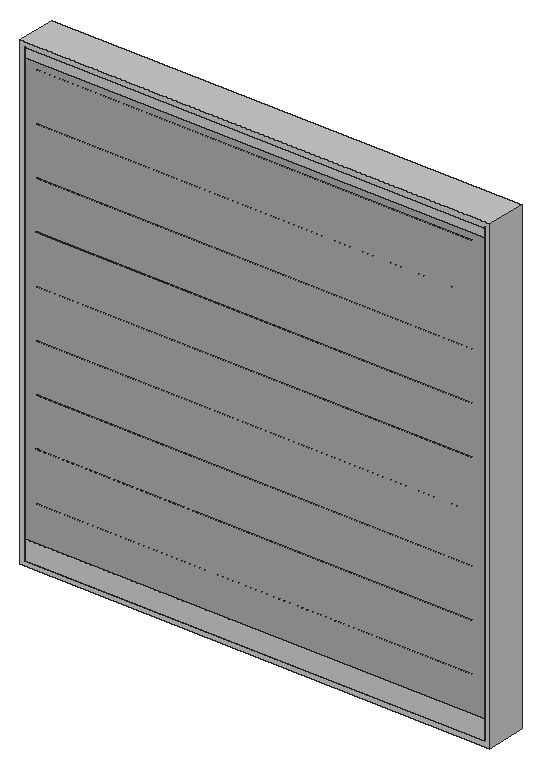
Revit family
Parameters (values of type "Louver_Frmd-Mtl_SFK-445_All-Lite")
  URL = "http://www.alllite-louvers.com"
  Specifications = "http://www.alllite-louvers.com/catalog/ASFK-445-csi-specification.doc"
  Spacing = 0.417 ft
  SmartBIM Object Version = 3  # constant formula
  SmartBIM Object Created By = "Reed Construction Data"  # constant formula
  Shim Thickness = 0.042 ft
  Screen Width = Width - (2 * Shim Thickness) - 2 * 0.083333 ft  # 3.749333 ft
  Screen Height = Height - (2 * Shim Thickness)  # 3.916 ft
  Screen = Aluminum
  Rough Width = 0.0 ft
  Rough Height = 0.0 ft
  Product URL = "http://www.alllite-louvers.com/catalog.php?model=SFK-445"
  Pressure Loss (in.wg.) = "0.13"  # constant formula
  OmniClass Title = "Exterior Louvers and Grilles"  # constant formula
  OmniClass Code = "23-60 11 17"  # constant formula
  Model Number = "SFK-445"  # constant formula
  Minimum Size = "12\" x 12\""
  Maximum Size - Single Section = "60\" x 120\" or 120\" x 60\""
  Maximum Size - Multiple Section = "Unlimited"
  Manufacturer = "All-Lite"  # constant formula
  Louver Width = Width - (2 * Shim Thickness) - 0.166667 ft  # 3.749333 ft
  Louver = Galvannealed Steel
  Height = 4.0 ft
  Free Area for 48”x48” Louver = "48.0%"
  Free Area Velocity (fpm) = "775"  # constant formula
  Free Area (ft²) for 48"x48" Louver = 7.7 ft
  Frame = Galvannealed Steel
  Default Sill Height = 3.0 ft
  Wall Closure = (empty or 0)
  Width = 4.0 ft
  Cut Sheet = "http://www.alllite-louvers.com/catalog/ASFK445.pdf"
  Assembly Code = "B2010300"
  Air Volume Delivered (cfm) = "5,991"  # constant formula
  95 CSI = "10200 "  # constant formula
  04 CSI = "08 91 00"  # constant formula
  # of Louvers = (Height - 0.25 ft) / (Spacing)  # 9
Reference planes (ft)
  plane 1 "Center (Front/Back)": y = 0
  plane 2: z = 0.291667
  plane 3 "Center (Left/Right)": x = 0
  plane 4 "Left": x = -2
  plane 5 "Right": x = 2
  plane 6 "Sill": z = 3.291667
  plane 7 "Top": z = 7.291667
  plane 8: x = -1.958
  plane 9: x = 1.958
  plane 10: z = 7.249667
  plane 11: z = 3.333667
  plane 12: z = 5.291667
  plane 13: z = 7.166333
  plane 14: z = 3.417
Forms (ft)
  Sweep 1, solid, material "Galvannealed Steel" <- "Frame"
    path origin (-5, 0.333333, 0) x (-1, 0, 0) y (0, 0, 1)
      loop
        line (-6.958, 7.249667) -> (-3.042, 7.249667)
    profile "Head Horizontal Mullion : Head Horizontal Mullion" origin (0, 0.333333, 7.249667) x (0, 0, 1) y (0, 1, 0)
      loop
        line (-0.010417, -0.322831) -> (-0.072917, -0.322831) -> (-0.072917, -0.010417) -> (-0.010417, -0.010417) -> (-0.010417, -0.041667) -> (0, -0.041667) -> (0, 0) -> (-0.083333, 0) -> (-0.083333, -0.333247) -> (0, -0.333247) -> (0, -0.291581) -> (-0.010417, -0.291581) -> (-0.010417, -0.322831)
  Sweep 2, solid, material "Galvannealed Steel" <- "Frame"
    path origin (-5, 0.333333, 0) x (-1, 0, 0) y (0, 0, 1)
      loop
        line (-6.958, 3.333667) -> (-3.042, 3.333667)
    profile "Horizontal Mullion : Horizontal Mullion" origin (0, 0.333333, 3.333667) x (0, 0, 1) y (0, 1, 0)
      loop
        line (0.010417, -0.322917) -> (0.010417, -0.28507) -> (0, -0.28507) -> (0, -0.333333) -> (0.083333, -0.333333) -> (0.166667, -0.333333) -> (0.166667, -0.322917) -> (0.083333, -0.322917) -> (0.083333, 0) -> (0, 0) -> (0, -0.041667) -> (0.010417, -0.041667) -> (0.010417, -0.010417) -> (0.072917, -0.010417) -> (0.072917, -0.322917) -> (0.010417, -0.322917)
  Sweep 3, solid, material "Galvannealed Steel" <- "Frame"
    path origin (-5, 0.333333, 0) x (-1, 0, 0) y (0, 0, 1)
      loop
        line (-6.958, 3.417) -> (-6.958, 7.166333)
    profile "Vertical Mullion : Vertical Mullion" origin (1.958, 0.333333, 5.291667) x (1, 0, 0) y (0, 1, 0)
      loop
        line (-0.010417, -0.010417) -> (-0.010417, -0.041667) -> (0, -0.041667) -> (0, 0) -> (-0.083333, 0) -> (-0.083333, -0.322917) -> (0, -0.322917) -> (0, -0.28125) -> (-0.010417, -0.28125) -> (-0.010417, -0.3125) -> (-0.072917, -0.3125) -> (-0.072917, -0.010417) -> (-0.010417, -0.010417)
  Sweep 4, solid, material "Galvannealed Steel" <- "Frame"
    path origin (5, 0.333333, 0) x (1, 0, 0) y (0, 0, -1)
      loop
        line (-6.958, -3.417) -> (-6.958, -7.166333)
    profile "Vertical Mullion : Vertical Mullion" origin (-1.958, 0.333333, 5.291667) x (1, 0, 0) y (0, 1, 0)
      loop
        line (0.010417, -0.010417) -> (0.072917, -0.010417) -> (0.072917, -0.3125) -> (0.010417, -0.3125) -> (0.010417, -0.28125) -> (0, -0.28125) -> (0, -0.322917) -> (0.083333, -0.322917) -> (0.083333, 0) -> (0, 0) -> (0, -0.041667) -> (0.010417, -0.041667) -> (0.010417, -0.010417)
  Sweep 5, solid, material "Galvannealed Steel" <- "Frame"
    path origin (-5, 0.333333, 0) x (-1, 0, 0) y (0, 0, 1)
      loop
        line (-3, 7.291667) -> (-7, 7.291667) -> (-7, 3.291667) -> (-3, 3.291667) -> (-3, 7.291667)
    profile origin (-2, 0.333333, 5.291667) x (0, 1, 0) y (-1, 0, 0)
      loop
        line (0, 0) -> (-0.333333, 0) -> (-0.333333, -0.042) -> (0, -0.042) -> (0, 0)
  Extrusion 6, solid, material "Aluminum" <- "Screen"
    sketch origin (1.385417, 0.0075, 7.25) x (-1, 0, 0) y (0, 0, -1)
      loop
        line (3.343417, 0.083667) -> (3.343417, 3.749667) -> (-0.572583, 3.749667) -> (-0.572583, 0.083667) -> (3.343417, 0.083667)
    from -0.002917 to 0.0075
Lines and regions (ft)
  Opening 1
    outline origin (-5, -0.333333, 0) x (1, 0, 0) y (0, 0, 1)
      loop
        line (3, 7.291667) -> (3, 3.291667) -> (7, 3.291667) -> (7, 7.291667) -> (3, 7.291667)
  Masking region 1, detail levels fine
    outline origin (0, 0, 0) x (1, 0, 0) y (0, 1, 0)
      loop
        line (-1.958, 0.291667) -> (-1.947583, 0.291667) -> (-1.947583, 0.322917) -> (-1.885083, 0.322917) -> (-1.885083, 0.020833) -> (-1.947583, 0.020833) -> (-1.947583, 0.052083) -> (-1.958, 0.052083) -> (-1.958, 0.010417) -> (-1.874667, 0.010417) -> (-1.874667, 0.333333) -> (-1.958, 0.333333) -> (-1.958, 0.291667)
      loop
        line (1.947583, 0.291667) -> (1.958, 0.291667) -> (1.958, 0.333333) -> (1.874667, 0.333333) -> (1.874667, 0.010417) -> (1.958, 0.010417) -> (1.958, 0.052083) -> (1.947583, 0.052083) -> (1.947583, 0.020833) -> (1.885083, 0.020833) -> (1.885083, 0.322917) -> (1.947583, 0.322917) -> (1.947583, 0.291667)
  Masking region 2, detail levels coarse+medium
    outline origin (0, 0, 0) x (1, 0, 0) y (0, 1, 0)
      loop
        line (2, 0) -> (2, 0.333333) -> (1.874667, 0.333333) -> (1.874667, 0) -> (2, 0)
      loop
        line (-2, 0) -> (-1.874667, 0) -> (-1.874667, 0.333333) -> (-2, 0.333333) -> (-2, 0)
Text (ft)
  text "EXTERIOR" at (-4.890733, 4.242245, 0), in view "Ref. Level"
  text "INTERIOR" at (-4.890733, -3.147199, 0), in view "Ref. Level"
  text "Exterior" at (0, 3.638026, 10.266337), in view "Left"
  text "Exterior" at (0, 1.524487, 10.420622), in view "Right"
Dimensions and locks (ft)
  equal spacing: plane 4 "Left", plane 3 "Center (Left/Right)", plane 5 "Right"
  "Width": plane 4 "Left" to plane 5 "Right"
  "Height": plane 6 "Sill" to plane 7 "Top"
  "Default Sill Height": plane 2 to plane 6 "Sill"
  "Shim Thickness": plane 4 "Left" to plane 8
  "Shim Thickness": plane 9 to plane 5 "Right"
  "Shim Thickness": plane 10 to plane 7 "Top"
  "Shim Thickness": plane 6 "Sill" to plane 11
  equal spacing: plane 11, plane 12, plane 10
  Sweep 5 to Sweep 5 = 0.333333 ft
  locked: plane 10 to plane 13 at 0.083333
  locked: plane 14 to plane 11 at 0.083333
  equal spacing: group 1, group 3, group 4, group 5, group 6, group 7, group 8, group 9, group 2  (x2)
  equal spacing: group 2, group 9, group 8, group 7, group 6, group 5, group 4, group 3, group 1
  aligned and locked: plane 7 "Top" to Opening 1 sketch curve
  aligned and locked: plane 6 "Sill" to Opening 1 sketch curve  (x2)
  aligned and locked: plane 5 "Right" to Opening 1 sketch curve
  aligned and locked: plane 4 "Left" to Opening 1 sketch curve
  aligned and locked: plane 10 to Sweep 1 sketch curve
  aligned and locked: Sweep 2 sketch curve to plane 11
  aligned and locked: plane 9 to Sweep 3 sketch curve
  aligned and locked: Sweep 4 sketch curve to plane 8
  aligned and locked: Sweep 5 sketch curve to plane 4 "Left"
  aligned and locked: Sweep 5 sketch curve to plane 7 "Top"
  aligned and locked: Sweep 5 sketch curve to plane 6 "Sill"
  aligned and locked: Sweep 5 sketch curve to plane 5 "Right"
  aligned and locked: Sweep 5 sketch curve to host wall  (x2)
  aligned and locked: plane 8 to Sweep 5 sketch curve
  aligned and locked: profile plane to host wall
  aligned and locked: Sweep 5 to Extrusion 6
  aligned and locked: Sweep 3 sketch curve to Sweep 1
  aligned and locked: plane 9 to Sweep 2 sketch curve
  aligned and locked: plane 8 to Sweep 2 sketch curve
  aligned and locked: plane 9 to Sweep 1 sketch curve
  aligned and locked: plane 8 to Sweep 1 sketch curve
  aligned and locked: Sweep 2 to Extrusion 6 sketch curve
  aligned and locked: Sweep 1 to Extrusion 6 sketch curve
  aligned and locked: Extrusion 6 sketch curve to Sweep 4
  aligned and locked: Extrusion 6 sketch curve to Sweep 3
  aligned and locked: Extrusion 6 to Sweep 3
  aligned and locked: Sweep 5 to nested 1
  aligned and locked: nested 1 to plane 13
  aligned and locked: plane 13 to Sweep 1
  aligned and locked: nested 1 to Sweep 3
  aligned and locked: plane 14 to nested 2
  aligned and locked: Sweep 5 to nested 2
  aligned and locked: nested 2 to Sweep 3
  aligned and locked: Masking region 1 sketch curve to Sweep 4  (x9)
  aligned and locked: Sweep 5 to Masking region 1 sketch curve
  aligned and locked: Extrusion 6 to Masking region 1 sketch curve
  aligned and locked: Masking region 1 sketch curve to Sweep 2  (x2)
  aligned and locked: Masking region 1 sketch curve to Sweep 3  (x9)
  aligned and locked: Masking region 1 sketch curve to Extrusion 6
  aligned and locked: Masking region 2 sketch curve to Sweep 5  (x3)
  aligned and locked: Masking region 2 sketch curve to nested 2
  aligned and locked: Masking region 2 sketch curve to Sweep 3
  aligned and locked: Sweep 5 to Masking region 2 sketch curve
  aligned and locked: nested 2 to Masking region 2 sketch curve
  aligned and locked: Masking region 2 sketch curve to Sweep 4
Automatic sketch dimensions
  Sweep 4 sketch curve to plane 10 = 0.083333 ft
  plane 11 to Sweep 3 sketch curve = 0.083333 ft
  plane 11 to Sweep 4 sketch curve = 0.083333 ft
  Masking region 1 sketch curve to plane 9 = 0.0 ft
Nested families (ft)
  nested 1: "Louver Single" at (0, 0.251577, 6.43118), type "Louver"
  nested 2: "Louver Single" at (0, 0.251577, 3.120797), type "Louver"
  nested 3: "Louver Single" at (0, 0.251577, 6.017382), type "Louver"
  nested 4: "Louver Single" at (0, 0.251577, 5.603585), type "Louver"
  nested 5: "Louver Single" at (0, 0.251577, 5.189787), type "Louver"
  nested 6: "Louver Single" at (0, 0.251577, 4.775989), type "Louver"
  nested 7: "Louver Single" at (0, 0.251577, 4.362191), type "Louver"
  nested 8: "Louver Single" at (0, 0.251577, 3.948393), type "Louver"
  nested 9: "Louver Single" at (0, 0.251577, 3.534595), type "Louver"
Connectors (ft)
  hvac at (0, 0, 5.333333), driven by "Screen Height", driven by "Screen Width"
    settings: on Extrusion 6, index 1
Definition of nested family "Louver Single"
  Parameters (values of type "Louver")
    Louver Length = 3.75 ft
    Depth = 0.333333 ft
    Louver Single = yes
    Louver = none
    Assembly Code = ""
  Reference planes (ft)
    plane 1 "Center (Front/Back)": y = -0.085938
    plane 2: z = 0
    plane 3 "Center (Left/Right)": x = 0
    plane 4: x = -1.875
    plane 5: x = 1.875
    plane 6: y = 0.081756
    plane 7: z = 0.296203
    plane 8: y = -0.239619
    plane 9: z = 0.735153
  Forms (ft)
    Extrusion 1, solid, material <- "Louver"
      sketch origin (0, 0.525336, 1.599371) x (0, 1, 0) y (0, 0, 1)
        loop
          line (-0.60613, -1.050624) -> (-0.60613, -1.085543) -> (-0.450355, -1.241317)
          arc (-0.450355, -1.241317) -> (-0.449226, -1.243007) -> (-0.44883, -1.245) r 0.005208
          line (-0.44883, -1.245) -> (-0.44883, -1.303168) -> (-0.44358, -1.303168) -> (-0.44358, -1.244983)
          arc (-0.44358, -1.244983) -> (-0.444373, -1.240996) -> (-0.446631, -1.237617) r 0.010417
          line (-0.446631, -1.237617) -> (-0.60088, -1.083368) -> (-0.60088, -1.048051) -> (-0.757813, -0.926401)
          arc (-0.757813, -0.926401) -> (-0.759208, -0.924605) -> (-0.759705, -0.922386) r 0.005208
          line (-0.759705, -0.922386) -> (-0.759705, -0.864218) -> (-0.764955, -0.864218) -> (-0.764955, -0.922403)
          arc (-0.764955, -0.922403) -> (-0.763892, -0.926987) -> (-0.76092, -0.930636) r 0.010417
          line (-0.76092, -0.930636) -> (-0.60613, -1.050624)
      from -1.875 to 1.875
  Dimensions and locks (ft)
    equal spacing: plane 4, plane 3 "Center (Left/Right)", plane 5
    "Louver Length": plane 4 to plane 5
    aligned and locked: Extrusion 1 to plane 4
    aligned and locked: plane 5 to Extrusion 1
  Automatic sketch dimensions
    Extrusion 1 sketch curve to plane 9 = 0.0 ft
    Extrusion 1 sketch curve to plane 8 = 0.0 ft
    plane 9 to Extrusion 1 sketch curve = 0.066418 ft
    Extrusion 1 sketch curve to Extrusion 1 sketch curve = 0.004035 ft
    Extrusion 1 sketch curve to Extrusion 1 sketch curve = 0.00525 ft  (x3)
    plane 9 to Extrusion 1 sketch curve = 0.062184 ft
    Extrusion 1 sketch curve to Extrusion 1 sketch curve = 0.001891 ft
    Extrusion 1 sketch curve to Extrusion 1 sketch curve = 0.005167 ft
    Extrusion 1 sketch curve to Extrusion 1 sketch curve = 0.000042 ft  (x2)
    plane 9 to Extrusion 1 sketch curve = 0.186406 ft
    Extrusion 1 sketch curve to Extrusion 1 sketch curve = 0.15479 ft
    plane 9 to Extrusion 1 sketch curve = 0.221325 ft
    plane 9 to Extrusion 1 sketch curve = 0.183833 ft
    plane 9 to Extrusion 1 sketch curve = 0.219151 ft
    Extrusion 1 sketch curve to Extrusion 1 sketch curve = 0.146841 ft
    Extrusion 1 sketch curve to Extrusion 1 sketch curve = 0.003641 ft
    plane 7 to Extrusion 1 sketch curve = 0.061851 ft
    Extrusion 1 sketch curve to Extrusion 1 sketch curve = 0.001525 ft
    Extrusion 1 sketch curve to Extrusion 1 sketch curve = 0.003725 ft
    Extrusion 1 sketch curve to Extrusion 1 sketch curve = 0.000017 ft
    Extrusion 1 sketch curve to Extrusion 1 sketch curve = 0.058168 ft
